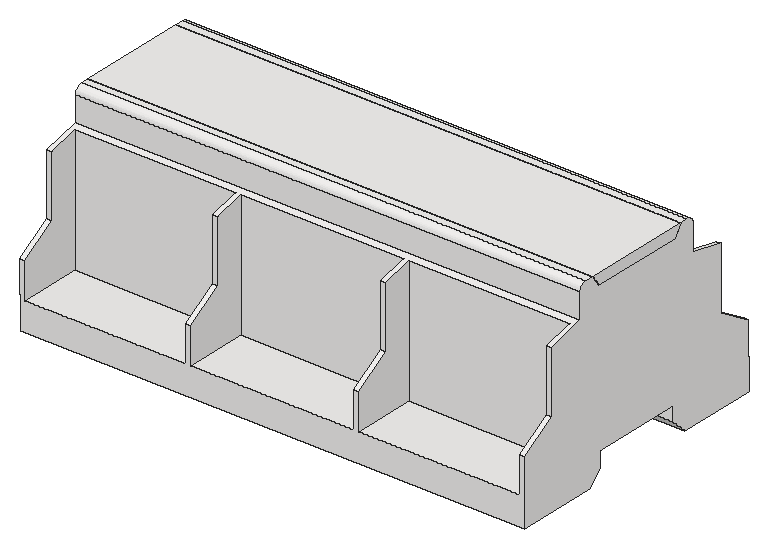
Revit family "Control_Unit-Lutron-Energi_Savr_Node-QSN-4T5-120-D", category Lighting Devices, host Face, Revit 2018
Family settings
  Host = Face
  Maintain Annotation Orientation = Yes
  Round Connector Dimension = Use Radius
  Part Type = Normal
  OmniClass Number = 23.80.30.11.17
  OmniClass Title = Distribution Boards and Control Panels
  Cut with Voids When Loaded = No
  Shared = No
  Room Calculation Point = No
Parameters (values of type "QSN-4T5-120-D")
  Warranty URL = "http://www.lutron.com/en-US/Service-Support/Pages/Service/Warranty/Warranty.aspx"
  Voltage = 120 V
  Video Link = "https://www.youtube.com/user/LutronElectronicsInc"
  Version = "2018 - v1.0a"  # constant formula
  Type Comments = ""
  Support Phone = "(224) 699-9545"  # constant formula
  Support Email = "mailto:support@anguleris.com"
  Product Page URL = "https://www.lutron.com/en-US/products/pages/wholebuildingsystems/athena/overview.aspx"
  Product Name = "0–10 V- Power Module"
  Product Documentation Link = "https://www.lutron.com/technicaldocumentlibrary/3691171_ENG.pdf"
  Performance URL = "http://www.lutron.com/en-US/Service-Support/Pages/Technical/PerfomanceSpecs.aspx"
  Operating Voltage = "120 V~ 50/60 Hz 5 A of switching load per zone | 16 A maximum per module"
  URL = "http://www.lutron.com"
  Series = "Energi Savr Node"
  Overall Width = 6.37"  # constant formula
  Overall Height = 2.38"  # constant formula
  Overall Depth = 3.53"  # constant formula
  Number of Poles = 1
  Model = "Athena"
  Minimum Operating Temperature = 32 °F
  Maximum Operating Temperature = 104 °F
  Material = ""
  Manufacturer Phone Number = "610-282-3800"  # constant formula
  Manufacturer Fax Number = "610-282-1243"  # constant formula
  Manufacturer Email = "mailto:support@lutron.com"
  Manufacturer Address = "7200 Suter Rd, Coopersburg, PA 18036"  # constant formula
  Manufacturer = "Lutron Electronics Co., Inc"  # constant formula
  Label [instance] = "LC"
  Keynote = ""
  Instruction Sheet Link = "http://www.lutron.com/en-US/Service-Support/Pages/Technical/InstallationInstructions/InstallationInstructions.aspx#Power%20Interfaces%20&%20Power%20Panels"
  Frequency = "50|60 Hz"
  Finish = Plastic - Lutron - White - Matte
  Description = "The Energi Savr Node (ESN) family is a group of modular products for the control of lighting loads."
  Default Elevation = 48.00"
  Current = 5 A
  Cost Info = "mailto:sales@lutron.com"
  Cost = 0
  Copyright = "© 2021 Lutron Electronics Co., Inc."  # constant formula
  Assembly Code = "D3060"
  Apparent Power [instance] = Voltage * Current  # 600 VA
  Annotation Symbol Visibility [instance] = yes
Reference planes (in)
  plane 1 "Center (Front/Back)": y = 0
  plane 2: z = 0
  plane 3 "Center (Left/Right)": x = 0
  plane 4: z = 2.38
  plane 5: y = 1.765
  plane 6: y = -1.765
  plane 7: x = -3.185
  plane 8: x = 3.185
  plane 9: x = -1.06167
  plane 10: x = 1.06167
Forms (in)
  Extrusion 1, solid, material "Plastic - Lutron - White - Matte" <- "Finish"
    sketch origin (8.5, 0.00455, 0.02943) x (0, -1, 0) y (0, 0, 1)
      loop
        line (1.76955, -0.02943) -> (1.76955, 0.77871) -> (1.34867, 1.04799) -> (1.34867, 1.83138) -> (0.89356, 1.94111) -> (0.89356, 2.25926)
        arc (0.89356, 2.25926) -> (0.86682, 2.32383) -> (0.80225, 2.35057) r 0.09132
        line (0.80225, 2.35057) -> (0.70059, 2.35057) -> (0.60254, 2.21054) -> (0.00455, 2.21054) -> (-0.59343, 2.21054) -> (-0.69149, 2.35057) -> (-0.79314, 2.35057)
        arc (-0.79314, 2.35057) -> (-0.86123, 2.32011) -> (-0.88388, 2.24903) r 0.09132
        line (-0.88388, 2.24903) -> (-0.88388, 1.93041) -> (-1.3255, 1.83973) -> (-1.3255, 1.05456) -> (-1.76045, 0.77972) -> (-1.76045, -0.02943) -> (-0.75275, -0.02943) -> (-0.57598, 0.14735) -> (-0.57598, 0.33151) -> (0.5916, 0.33151) -> (0.5916, 0.1255) -> (0.74653, -0.02943) -> (1.76955, -0.02943)
    from 5.315 to 11.685
  Extrusion 2, void
    sketch origin (0, -12.51256, 0) x (1, 0, 0) y (0, 1, 0)
      loop
        line (-1.0328, 13.49387) -> (1.0328, 13.49387) -> (1.0328, 14.34918) -> (-1.0328, 14.34918) -> (-1.0328, 13.49387)
      loop
        line (3.12727, 14.34918) -> (1.09053, 14.34918) -> (1.09053, 13.49387) -> (3.12727, 13.49387) -> (3.12727, 14.34918)
      loop
        line (-3.12727, 14.34918) -> (-3.12727, 13.49387) -> (-1.09053, 13.49387) -> (-1.09053, 14.34918) -> (-3.12727, 14.34918)
      loop
        line (-1.0328, 11.53125) -> (-1.0328, 10.67594) -> (1.0328, 10.67594) -> (1.0328, 11.53125) -> (-1.0328, 11.53125)
      loop
        line (3.12727, 10.67594) -> (3.12727, 11.53125) -> (1.09053, 11.53125) -> (1.09053, 10.67594) -> (3.12727, 10.67594)
      loop
        line (-3.12727, 10.67594) -> (-1.09053, 10.67594) -> (-1.09053, 11.53125) -> (-3.12727, 11.53125) -> (-3.12727, 10.67594)
    from 0.36094 to 2.99
  Extrusion 3, solid, material "Plastic - Lutron - White - Matte" <- "Finish"
    sketch origin (0, 0, 0) x (0, 1, 0) y (0, 0, 1)
      loop
        line (-0.69604, 2.38) -> (-0.59799, 2.23997) -> (0.59799, 2.23997) -> (0.69604, 2.38) -> (-0.69604, 2.38)
    from -3.185 to 3.185
Cuts and joins
  Extrusion 2 cuts Extrusion 1
Lines and regions (in)
  Masking region 1
    outline origin (0, 0, 0) x (1, 0, 0) y (0, 0, 1)
      loop
        line (3.185, 0) -> (3.185, 2.38) -> (-3.185, 2.38) -> (-3.185, 0) -> (3.185, 0)
  symbolic lines, detail levels medium+fine
    curve 1: line (3.185, 0, 2.30382) -> (-3.185, 0, 2.30382)
  symbolic lines, detail levels fine
    curve 2: line (3.12727, 0, 1.95983) -> (3.12727, 0, 0.36094)
    curve 3: line (3.12727, 0, 0.36094) -> (1.09053, 0, 0.36094)
    curve 4: line (1.09053, 0, 0.36094) -> (1.09053, 0, 1.94328)
    curve 5: line (1.0328, 0, 1.94328) -> (1.0328, 0, 0.36094)
    curve 6: line (1.0328, 0, 0.36094) -> (-0.02886, 0, 0.36094)
    curve 7: line (-0.02886, 0, 0.36094) -> (-1.0328, 0, 0.36094)
    curve 8: line (-1.0328, 0, 0.36094) -> (-1.0328, 0, 1.94328)
    curve 9: line (-1.09053, 0, 1.94328) -> (-1.09053, 0, 0.36094)
    curve 10: line (-1.09053, 0, 0.36094) -> (-3.12727, 0, 0.36094)
    curve 11: line (-3.12727, 0, 0.36094) -> (-3.12727, 0, 1.95983)
    curve 12: line (3.12727, 0, 1.95983) -> (-3.12727, 0, 1.95983)
    curve 13: line (1.09053, 0, 1.94328) -> (3.12727, 0, 1.94328)
    curve 14: line (-0.02886, 0, 1.94328) -> (1.09053, 0, 1.94328)
    curve 15: line (-1.0328, 0, 1.94328) -> (-0.02886, 0, 1.94328)
    curve 16: line (-1.09053, 0, 1.94328) -> (-3.12727, 0, 1.94328)
Dimensions and locks (in)
  equal spacing: host sketch curve, plane 1 "Center (Front/Back)", host sketch curve
  equal spacing: host sketch curve, plane 3 "Center (Left/Right)", host sketch curve
  "Overall Height": plane 4 to level
  equal spacing: plane 5, plane 1 "Center (Front/Back)", plane 6
  "Overall Depth": plane 5 to plane 6
  equal spacing: plane 7, plane 3 "Center (Left/Right)", plane 8
  "Overall Width": plane 7 to plane 8
  equal spacing: cut or joined group of Extrusion 1, Extrusion 2, plane 9, cut or joined group of Extrusion 1, Extrusion 2  (x2)
  equal spacing: cut or joined group of Extrusion 1, Extrusion 2, plane 10, cut or joined group of Extrusion 1, Extrusion 2  (x2)
  equal spacing: plane 7, plane 9, plane 10, plane 8
  aligned and locked: plane 2 to host face
  aligned and locked: level to host face
  aligned and locked: plane 1 "Center (Front/Back)" to nested 1
  aligned and locked: plane 3 "Center (Left/Right)" to nested 1
  aligned and locked: plane 7 to Extrusion 1
  aligned and locked: plane 8 to cut or joined group of Extrusion 1, Extrusion 2
  aligned and locked: cut or joined group of Extrusion 1, Extrusion 2 to plane 6
  aligned and locked: cut or joined group of Extrusion 1, Extrusion 2 to plane 5
  aligned and locked: plane 4 to cut or joined group of Extrusion 1, Extrusion 2  (x2)
  aligned and locked: plane 4 to Extrusion 3 sketch curve
  aligned and locked: Extrusion 3 sketch curve to cut or joined group of Extrusion 1, Extrusion 2  (x3)
  aligned and locked: Extrusion 3 to cut or joined group of Extrusion 1, Extrusion 2
  aligned and locked: cut or joined group of Extrusion 1, Extrusion 2 to Extrusion 3
Automatic sketch dimensions
  Extrusion 1 sketch curve to level = 0.00"  (x2)
  Extrusion 1 sketch curve to plane 4 = 0.00"  (x2)
  Extrusion 1 sketch curve to plane 1 "Center (Front/Back)" = 0.00"
  level to Extrusion 1 sketch curve = 0.17678"
  Extrusion 1 sketch curve to plane 1 "Center (Front/Back)" = 0.58053"
  Extrusion 1 sketch curve to plane 4 = 0.14003"
  Extrusion 1 sketch curve to plane 1 "Center (Front/Back)" = 0.59799"
  Extrusion 1 sketch curve to Extrusion 1 sketch curve = 0.09805"  (x2)
  Extrusion 1 sketch curve to Extrusion 1 sketch curve = 0.17678"
  Extrusion 1 sketch curve to Extrusion 1 sketch curve = 0.10166"  (x2)
  Extrusion 1 sketch curve to Extrusion 1 sketch curve = 0.09074"
  plane 5 to Extrusion 1 sketch curve = 0.43495"
  Extrusion 1 sketch curve to plane 5 = 0.00"
  plane 1 "Center (Front/Back)" to Extrusion 1 sketch curve = 0.58705"
  Extrusion 1 sketch curve to Extrusion 1 sketch curve = 0.59799"
  Extrusion 1 sketch curve to Extrusion 1 sketch curve = 0.15493"
  Extrusion 1 sketch curve to plane 4 = 0.40946"
  Extrusion 1 sketch curve to Extrusion 1 sketch curve = 0.09132"
  plane 6 to Extrusion 1 sketch curve = 0.42088"
  Extrusion 1 sketch curve to plane 6 = 0.00"
  level to Extrusion 1 sketch curve = 0.15493"
  Extrusion 1 sketch curve to Extrusion 1 sketch curve = 0.20601"
  Extrusion 1 sketch curve to Extrusion 1 sketch curve = 0.80814"
  Extrusion 1 sketch curve to Extrusion 1 sketch curve = 0.80915"
  Extrusion 1 sketch curve to Extrusion 1 sketch curve = 0.26928"
  Extrusion 1 sketch curve to Extrusion 1 sketch curve = 0.27484"
  Extrusion 1 sketch curve to Extrusion 1 sketch curve = 0.10973"
  Extrusion 1 sketch curve to plane 4 = 0.51085"
  Extrusion 1 sketch curve to Extrusion 1 sketch curve = 0.28013"
  Extrusion 1 sketch curve to plane 4 = 0.10154"
  Extrusion 2 sketch curve to plane 7 = 0.05773"  (x2)
  Extrusion 2 sketch curve to plane 6 = 0.07162"  (x2)
  Extrusion 2 sketch curve to plane 3 "Center (Left/Right)" = 1.09053"  (x2)
  Extrusion 2 sketch curve to plane 5 = 0.07162"  (x2)
  Extrusion 2 sketch curve to Extrusion 2 sketch curve = 0.05773"  (x4)
  plane 3 "Center (Left/Right)" to Extrusion 2 sketch curve = 1.0328"  (x2)
  Extrusion 2 sketch curve to plane 8 = 0.05773"  (x2)
  Extrusion 2 sketch curve to Extrusion 2 sketch curve = 0.00"  (x4)
  plane 6 to Extrusion 2 sketch curve = 0.78369"  (x2)
  plane 5 to Extrusion 2 sketch curve = 0.78369"  (x2)
  Masking region 1 sketch curve to level = 0.00"
  plane 7 to Masking region 1 sketch curve = 0.00"
  Masking region 1 sketch curve to plane 8 = 0.00"
  Masking region 1 sketch curve to plane 4 = 0.00"
  plane 7 to curve 1 = 0.00"
  curve 1 to plane 8 = 0.00"
  curve 10 to plane 7 = 0.05773"
  curve 15 to plane 3 "Center (Left/Right)" = 0.02886"
  curve 7 to plane 3 "Center (Left/Right)" = 0.02886"
  curve 2 to plane 8 = 0.05773"
  level to curve 6 = 0.36094"
  level to curve 10 = 0.36094"
  level to curve 2 = 0.36094"
  curve 8 to plane 4 = 0.43672"
  curve 16 to curve 8 = 0.00"
  curve 13 to curve 12 = 0.01655"
  curve 1 to plane 4 = 0.07618"
  curve 16 to curve 14 = 1.06167"
  curve 9 to curve 15 = 0.05773"
  plane 3 "Center (Left/Right)" to curve 5 = 1.0328"
  curve 5 to curve 4 = 0.05773"
Nested families (in)
  nested 1: "Lutron_Lighting_Power_Module_Annotation" at (0, 0, 0), visible <- "Annotation Symbol Visibility", type "QSE-CL-4M-D/LQSE-4M-D", detail levels coarse+medium
Connectors (in)
  electrical at (0, 1.26115, 0)
    settings: on cut or joined group of Extrusion 1, Extrusion 2, index 1, voltage 0 V, apparent load 0 VA, apparent load phase1 0 VA, apparent load phase2 0 VA, apparent load phase3 0 VA, power factor 1, load classification "Other", number of poles 1, system type 13, power factor state 1, is connector primary yes, connector utility no, sub classification motor no, connector description "Controls Connection"
  electrical at (0, -1.25349, 0), driven by "Number of Poles", driven by "Voltage", driven by "Apparent Power"
    settings: on cut or joined group of Extrusion 1, Extrusion 2, index 2, voltage 120 V, apparent load 0 VA, apparent load phase1 600 VA, apparent load phase2 0 VA, apparent load phase3 0 VA, power factor 1, load classification "Other", number of poles 1, system type 31, power factor state 1, is connector primary no, connector utility no, sub classification motor no, connector description "Power Connection"
Definition of nested family "Lutron_Lighting_Power_Module_Annotation"
  Parameters (values of type "QSWS2")
    Label = "KP"
  Types (9): name | Label
    QSE-IO | "QSE-IO"
    QSE-CL-4M-D/LQSE-4M-D | "4M"
    QSE-CL-DMX | "DMX"
    PHPM-WBX-120-WH | "WBX"
    LQSE-2DAL-D | "2DAL"
    LQSE-4S10-D | "4S10"
    LQSE-4T10-D | "4T10"
    LQSE-4A-D | "4A"
    QSWS2 | "KP"
  Reference planes (in)
    plane 1: y = 0
    plane 2: x = 0
  Lines and regions (in)
    detail lines, not visible
      curve 1: line (0, 0.12891, 0) -> (0, 0, 0)
    reference lines
      curve 2: line (0, 0.0625, 0) -> (-0.11983, 0.0625, 0)
      curve 3: line (0.10095, -0.04722, 0) -> (0.10095, 0.09386, 0)
      curve 4: line (0.10095, -0.04722, 0) -> (0.28349, -0.04722, 0)
      curve 5: line (0.10095, 0.04579, 0) -> (0.31014, 0.04579, 0)
    detail lines
      curve 6: line (-0.15637, 0.42347, 0) -> (0.15896, 0.42347, 0)
      curve 7: line (-0.15637, 0.12891, 0) -> (-0.15637, 0.42347, 0)
      curve 8: line (0.15896, 0.12891, 0) -> (-0.15637, 0.12891, 0)
      curve 9: line (0.15896, 0.42347, 0) -> (0.15896, 0.12891, 0)
      curve 10: line (0, 0.12891, 0) -> (0, 0, 0)
      curve 11: line (-0.08143, 0, 0) -> (0.08143, 0, 0)
  Text (in)
    label "2DAL" at (0.00317, 0.27539, 0), shows "Label"
  Dimensions and locks (in)
    locked: curve 4 to curve 5 at 0.09301
    locked: curve 1 to curve 3 at 0.10095
    curve 1 to curve 1 = 0.12891"
    locked: plane 1 to curve 2 at 0.0625
    equal spacing: curve 11, plane 2, curve 11
    locked: curve 11 to curve 11 at 0.16287
    locked: curve 11 to curve 8 at 0.12891
    aligned and locked: curve 1 to curve 2
    aligned and locked: plane 1 to curve 1
    aligned and locked: curve 1 to plane 2
    aligned and locked: plane 2 to curve 1
    aligned and locked: curve 10 to plane 2
